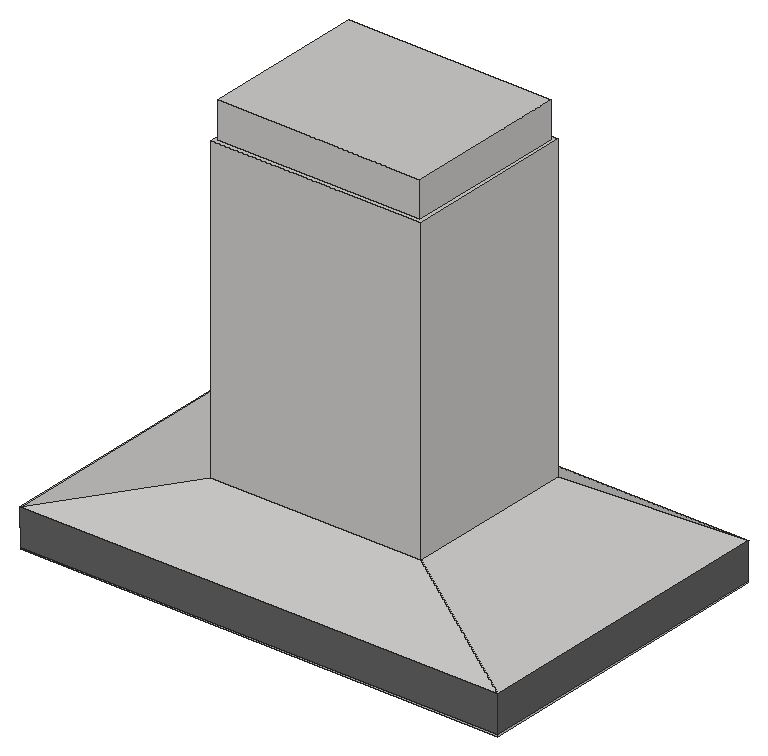
Revit family "P190780JX-160c_JXW8530HS_StainlessSteel_JA_Cooking_Ventilation", category Specialty Equipment, Revit 2023
Family settings
  Round Connector Dimension = Use Diameter
  Part Type = Normal
  Work Plane-Based = No
  Enable Cutting in Views = No
  Always vertical = Yes
  Cut with Voids When Loaded = No
  Maintain Annotation Orientation = No
  Shared = No
  Room Calculation Point = No
Parameters (values of type "JXW8530HS")
  Width = 30"
  Voltage = 0 V
  URL = ""
  Model = "JXW8530HS"
  Feature 3 = "Wall Mount Hood\r\nHotte murale"
  Feature 2 = "Lustre Stainless\r\nAcier inoxydable lustré"
  Feature 1 = "Glass-Touch Controls\r\nCommandes à effleurement sous verre"
  Family Name = "WALL HOODS - 30\""
  Energy Guide = ""
  Manufacturer = "Jenn Air"
  Keynote = ""
  Installation-Fabrication = "http://access.whirlpool.com/mr/getMediaType.do?mediaType=Installation Instruction&sku=JXW8530HS&language=EN\r\nhttp://access.whirlpool.com/mr/getMediaType.do?mediaType=Installation Instruction&sku=JXW8530HS&language=EN"
  Height = 5"
  Drawn By = ""
  Dimension Guide = ""
  Description = "Pyramid Style Canopy Wall Hood, 30”\r\nHotte murale de style pyramidal en acier lustré, 30 po"
  Depth = 19 11/16"
  Default Elevation = 0"
  Copyright = ""
  Body Material = ARCAT - Metal - Steel - Stainless
  Assembly Code = ""
  Amps = 15 A
  Accent Material = ARCAT - Metal - Steel - Gray
Reference planes (in)
  plane 1 "Center (Front/Back)": y = 0
  plane 2: z = 0
  plane 3 "Center (Left/Right)": x = 0
  plane 4: x = -15
  plane 5: x = 15
  plane 6: y = -19.6875
  plane 7: z = 5
Forms (in)
  Extrusion 1, solid, material "ARCAT - Metal - Steel - Stainless" <- "Body Material"
    sketch origin (-1.9375, -3.1, 3.875) x (0, 0, -1) y (-1, 0, 0)
      loop
        circle (1.9375, -4.5625) r 0.25
    from 0 to 0.03125
  Extrusion 2, solid, material "ARCAT - Metal - Steel - Stainless" <- "Body Material"
    sketch origin (65.34541, 0, 5.0625) x (1, 0, 0) y (0, 1, 0)
      loop
        line (-71.93916, -4.46875) -> (-71.93916, -15.21875) -> (-58.75166, -15.21875) -> (-58.75166, -4.46875) -> (-71.93916, -4.46875)
      loop
        line (-71.68916, -4.71875) -> (-71.68916, -14.96875) -> (-59.00166, -14.96875) -> (-59.00166, -4.71875) -> (-71.68916, -4.71875)
    from -0.0625 to 18.9375
  Extrusion 3, solid, material "ARCAT - Metal - Steel - Stainless" <- "Body Material"
    sketch origin (0, 0, 0) x (1, 0, 0) y (0, 1, 0)
      loop
        line (-14, 0) -> (-15, 0) -> (-15, -19.6875) -> (15, -19.6875) -> (15, 0) -> (14, 0) -> (14, -18.6875) -> (-14, -18.6875) -> (-14, 0)
    from 0 to 0.0625
  Extrusion 4, solid, material "ARCAT - Metal - Steel - Gray" <- "Accent Material"
    sketch origin (-1.83203, 1.02344, 0) x (-1, 0, 0) y (0, -1, 0)
      loop
        line (-9.51908, 18.23762) -> (-11.51908, 18.23762) -> (-11.51908, 17.63762) -> (-9.51908, 17.63762) -> (-9.51908, 18.23762)
      loop
        line (5.91752, 18.23762) -> (5.91752, 17.63762) -> (7.91752, 17.63762) -> (7.91752, 18.23762) -> (5.91752, 18.23762)
      loop
        line (5.84721, 18.30793) -> (5.84721, 17.56731) -> (7.98783, 17.56731) -> (7.98783, 18.30793) -> (5.84721, 18.30793)
      loop
        line (-9.44877, 18.30793) -> (-11.5894, 18.30793) -> (-11.5894, 17.56731) -> (-9.44877, 17.56731) -> (-9.44877, 18.30793)
    from 0 to -0.03125
  Extrusion 5, solid, material "ARCAT - Metal - Steel - Stainless" <- "Body Material"
    sketch origin (0, 0, 2.375) x (1, 0, 0) y (0, 1, 0)
      loop
        line (-15, 0) -> (-15, -19.6875) -> (15, -19.6875) -> (15, 0) -> (-15, 0)
    from 0 to -0.25
  Extrusion 6, solid, material "ARCAT - Metal - Steel - Stainless" <- "Body Material"
    sketch origin (0, -0.25, 0) x (0, 1, 0) y (1, 0, 0)
      loop
        line (-14.4375, 14.75) -> (-18.4375, 14.75) -> (-18.4375, -14.75) -> (-14.4375, -14.75) -> (-14.4375, 14.75)
      loop
        line (-3.75, 14.75) -> (-3.75, -14.75) -> (0.25, -14.75) -> (0.25, 14.75) -> (-3.75, 14.75)
    from -0.0625 to -2.125
  Extrusion 7, solid, material "ARCAT - Metal - Steel - Stainless" <- "Body Material"
    sketch origin (65.34541, 0, 13.6875) x (1, 0, 0) y (0, 1, 0)
      loop
        line (-71.68916, -4.71875) -> (-71.68916, -14.96875) -> (-59.00166, -14.96875) -> (-59.00166, -4.71875) -> (-71.68916, -4.71875)
      loop
        line (-71.43916, -14.71875) -> (-59.25166, -14.71875) -> (-59.25166, -4.96875) -> (-71.43916, -4.96875) -> (-71.43916, -14.71875)
    from 10.3125 to 12.3125
  Extrusion 8, solid, material "ARCAT - Metal - Steel - Stainless" <- "Body Material"
    sketch origin (65.34541, 0, 26) x (1, 0, 0) y (0, 1, 0)
      loop
        line (-59.00166, -14.96875) -> (-59.00166, -4.71875) -> (-71.68916, -4.71875) -> (-71.68916, -14.96875) -> (-59.00166, -14.96875)
    from 0 to 0.25
  Extrusion 9, solid, material "ARCAT - Metal - Steel - Stainless" <- "Body Material"
    sketch origin (18.22154, 0, 0.12186) x (-1, 0, 0) y (0, 0, 1)
      loop
        circle (18.22154, 0.8806) r 0.25
    from 0 to 0.03125
  Blend 10, solid, material "ARCAT - Metal - Steel - Stainless" <- "Body Material"
    base sketch origin (0, -20, 2.375) x (1, 0, 0) y (0, 1, 0)
      loop
        line (-15, 0.3125) -> (15, 0.3125) -> (15, 20) -> (-15, 20) -> (-15, 0.3125)
    top sketch origin (0, -20, 2.375) x (1, 0, 0) y (0, 1, 0)
      loop
        line (6.59375, 4.78125) -> (6.59375, 15.53125) -> (-6.59375, 15.53125) -> (-6.59375, 4.78125) -> (6.59375, 4.78125)
    from 0 to 2.625
  Extrusion 11, void
    sketch origin (0, -0.25, 0.0625) x (0, 1, 0) y (-1, 0, 0)
      loop
        line (-16.36418, 7.74955) -> (-16.36418, 9.74955) -> (-16.96418, 9.74955) -> (-16.96418, 7.74955) -> (-16.36418, 7.74955)
      loop
        line (-16.36418, -9.68705) -> (-16.36418, -7.68705) -> (-16.96418, -7.68705) -> (-16.96418, -9.68705) -> (-16.36418, -9.68705)
    from 0 to 0.14678
  Extrusion 12, solid, material "ARCAT - Metal - Steel - Stainless" <- "Body Material"
    sketch origin (0, 0, 0.0625) x (1, 0, 0) y (0, 1, 0)
      loop
        line (-15, -19.6875) -> (15, -19.6875) -> (15, 0) -> (14.75, 0) -> (14.75, -19.4375) -> (-14.75, -19.4375) -> (-14.75, 0) -> (-15, 0) -> (-15, -19.6875)
    from 0 to 2.0625
  Extrusion 13, solid, material "ARCAT - Metal - Steel - Gray" <- "Accent Material"
    sketch origin (0, -0.25, 0.0625) x (-1, 0, 0) y (0, 1, 0)
      loop
        line (13.30078, -13.73828) -> (13.30078, -4.44922) -> (-13.30078, -4.44922) -> (-13.30078, -13.73828) -> (13.30078, -13.73828)
    from 0 to -0.25
  Extrusion 14, solid, material "ARCAT - Metal - Steel - Gray" <- "Accent Material"
    sketch origin (14.75, -19.6875, -0.03125) x (0, 1, 0) y (0, 0, -1)
      loop
        circle (7.38754, -1.1206) r 0.13038
      loop
        circle (14.04996, -1.1206) r 0.13038
    from 0 to 0.03125
  Extrusion 15, solid, material "ARCAT - Metal - Steel - Gray" <- "Accent Material"
    sketch origin (0, 1.75, 2.125) x (0, 1, 0) y (1, 0, 0)
      loop
        line (-13.98828, 7.83002) -> (-13.98828, 8.47042) -> (-14.4375, 8.47042) -> (-14.4375, 7.83002) -> (-13.98828, 7.83002)
      loop
        line (-13.98828, -7.33002) -> (-14.6875, -7.33002) -> (-14.6875, -7.97042) -> (-13.98828, -7.97042) -> (-13.98828, -7.33002)
    from 0 to 0.125
  Extrusion 16, solid, material "ARCAT - Metal - Steel - Gray" <- "Accent Material"
    sketch origin (-14.75, -19.6875, -0.03125) x (0, 1, 0) y (0, 0, 1)
      loop
        circle (7.38754, 1.1206) r 0.13038
      loop
        circle (14.04996, 1.1206) r 0.13038
    from 0 to 0.03125
Cuts and joins
  Extrusion 11 cuts Extrusion 6
  joined: Extrusion 5, Extrusion 6, Extrusion 12
  joined: Extrusion 7, Extrusion 8
Lines and regions (in)
  symbolic lines, style "SpecialityEquipment"
    curve 1: line (-15, 0, 0) -> (15, 0, 0)
    curve 2: line (-15, -19.6875, 0) -> (-15, 0, 0)
    curve 3: line (15, -19.6875, 0) -> (-15, -19.6875, 0)
    curve 4: line (15, 0, 0) -> (15, -19.6875, 0)
    curve 5: line (-6.59375, -4.46875, 26) -> (6.59375, -4.46875, 26)
    curve 6: line (-6.59375, -15.21875, 26) -> (-6.59375, -4.46875, 26)
    curve 7: line (6.59375, -15.21875, 26) -> (-6.59375, -15.21875, 26)
    curve 8: line (6.59375, -4.46875, 26) -> (6.59375, -15.21875, 26)
  model lines, style "Display button"
    curve 9: line (-0.90625, -19.6875, 1.47891) -> (-0.14967, -19.6875, 1.47891)
    curve 10: line (-0.90625, -19.6875, 0.98552) -> (-0.90625, -19.6875, 1.47891)
    curve 11: line (-0.14967, -19.6875, 0.98552) -> (-0.90625, -19.6875, 0.98552)
    curve 12: line (-0.14967, -19.6875, 1.47891) -> (-0.14967, -19.6875, 0.98552)
    curve 13: line (-1.92746, -19.6875, 1.47891) -> (-1.17087, -19.6875, 1.47891)
    curve 14: line (-1.92746, -19.6875, 0.98552) -> (-1.92746, -19.6875, 1.47891)
    curve 15: line (-1.17087, -19.6875, 0.98552) -> (-1.92746, -19.6875, 0.98552)
    curve 16: line (-1.17087, -19.6875, 1.47891) -> (-1.17087, -19.6875, 0.98552)
    curve 17: line (-2.94866, -19.6875, 1.47891) -> (-2.19208, -19.6875, 1.47891)
    curve 18: line (-2.94866, -19.6875, 0.98552) -> (-2.94866, -19.6875, 1.47891)
    curve 19: line (-2.19208, -19.6875, 0.98552) -> (-2.94866, -19.6875, 0.98552)
    curve 20: line (-2.19208, -19.6875, 1.47891) -> (-2.19208, -19.6875, 0.98552)
    curve 21: line (0.90625, -19.6875, 1.47891) -> (0.14967, -19.6875, 1.47891)
    curve 22: line (0.90625, -19.6875, 0.98552) -> (0.90625, -19.6875, 1.47891)
    curve 23: line (0.14967, -19.6875, 0.98552) -> (0.90625, -19.6875, 0.98552)
    curve 24: line (0.14967, -19.6875, 1.47891) -> (0.14967, -19.6875, 0.98552)
    curve 25: line (1.92746, -19.6875, 1.47891) -> (1.17087, -19.6875, 1.47891)
    curve 26: line (1.92746, -19.6875, 0.98552) -> (1.92746, -19.6875, 1.47891)
    curve 27: line (1.17087, -19.6875, 0.98552) -> (1.92746, -19.6875, 0.98552)
    curve 28: line (1.17087, -19.6875, 1.47891) -> (1.17087, -19.6875, 0.98552)
    curve 29: line (2.94866, -19.6875, 1.47891) -> (2.19208, -19.6875, 1.47891)
    curve 30: line (2.94866, -19.6875, 0.98552) -> (2.94866, -19.6875, 1.47891)
    curve 31: line (2.19208, -19.6875, 0.98552) -> (2.94866, -19.6875, 0.98552)
    curve 32: line (2.19208, -19.6875, 1.47891) -> (2.19208, -19.6875, 0.98552)
Dimensions and locks (in)
  "Depth": plane 6 to plane 1 "Center (Front/Back)"
  "Width": plane 4 to plane 5
  equal spacing: plane 4, plane 3 "Center (Left/Right)", plane 5
  "Height": plane 7 to plane 2
  aligned and locked: plane 2 to level
Automatic sketch dimensions
  level to Extrusion 1 sketch curve = 1 15/16"
  plane 3 "Center (Left/Right)" to Extrusion 1 sketch curve = 2 5/8"
  curve 3 to plane 4 = 0"
  curve 3 to plane 5 = 0"
  plane 6 to curve 3 = 0"
  plane 1 "Center (Front/Back)" to curve 2 = 0"
  plane 1 "Center (Front/Back)" to Extrusion 3 sketch curve = 0"  (x2)
  Extrusion 3 sketch curve to plane 4 = 0"
  Extrusion 3 sketch curve to plane 5 = 0"
  plane 6 to Extrusion 3 sketch curve = 0"
  plane 4 to Extrusion 3 sketch curve = 1"
  Extrusion 3 sketch curve to Extrusion 3 sketch curve = 1"
  Extrusion 3 sketch curve to plane 6 = 1"
  Extrusion 4 sketch curve to plane 5 = 5.24264"
  Extrusion 4 sketch curve to Extrusion 4 sketch curve = 9/128"  (x8)
  Extrusion 4 sketch curve to Extrusion 4 sketch curve = 2"  (x2)
  Extrusion 4 sketch curve to plane 6 = 2.40301"  (x2)
  plane 4 to Extrusion 4 sketch curve = 7.32076"
  Extrusion 4 sketch curve to Extrusion 4 sketch curve = 0.6"  (x2)
  Extrusion 5 sketch curve to plane 4 = 0"
  Extrusion 5 sketch curve to plane 5 = 0"
  plane 6 to Extrusion 5 sketch curve = 0"
  plane 1 "Center (Front/Back)" to Extrusion 5 sketch curve = 0"
  plane 1 "Center (Front/Back)" to Extrusion 6 sketch curve = 0"
  Extrusion 6 sketch curve to plane 5 = 1/4"  (x2)
  Extrusion 6 sketch curve to Extrusion 6 sketch curve = 4"
  Extrusion 6 sketch curve to plane 6 = 5"
  plane 4 to Extrusion 6 sketch curve = 1/4"  (x2)
  Extrusion 6 sketch curve to plane 6 = 1"
  Extrusion 8 sketch curve to Extrusion 7 = 0"  (x3)
  Extrusion 7 to Extrusion 8 sketch curve = 0"
  Extrusion 9 sketch curve to plane 3 "Center (Left/Right)" = 0"
  level to Extrusion 9 sketch curve = 1.00246"
  Blend 10 sketch curve to Extrusion 5 = 0"  (x2)
  Extrusion 5 to Blend 10 sketch curve = 0"  (x2)
  Extrusion 6 to Extrusion 11 sketch curve = 1.47332"  (x2)
  Extrusion 11 sketch curve to Extrusion 11 sketch curve = 0.6"  (x2)
  Extrusion 6 to Extrusion 11 sketch curve = 5.06295"
  Extrusion 11 sketch curve to Extrusion 11 sketch curve = 2"  (x2)
  Extrusion 6 to Extrusion 11 sketch curve = 7.00045"
  Extrusion 12 sketch curve to Extrusion 3 = 0"  (x4)
  Extrusion 3 to Extrusion 12 sketch curve = 0"
  Extrusion 12 sketch curve to Extrusion 3 = 1/4"  (x3)
  Extrusion 13 sketch curve to Extrusion 6 = 179/256"  (x2)
  Extrusion 6 to Extrusion 13 sketch curve = 1 115/256"  (x2)
  Extrusion 12 to Extrusion 14 sketch curve = 1.02685"  (x2)
  Extrusion 12 to Extrusion 14 sketch curve = 7.13754"
  Extrusion 14 sketch curve to Extrusion 12 = 5.63754"
  Extrusion 5 to Extrusion 15 sketch curve = 6 3/4"
  Extrusion 5 to Extrusion 15 sketch curve = 7"
  Extrusion 15 sketch curve to Extrusion 15 sketch curve = 115/256"
  Extrusion 15 sketch curve to Extrusion 15 sketch curve = 179/256"
  Extrusion 5 to Extrusion 15 sketch curve = 6.52958"
  Extrusion 15 sketch curve to Extrusion 15 sketch curve = 0.6404"  (x2)
  Extrusion 5 to Extrusion 15 sketch curve = 7.66998"
  level to Extrusion 16 sketch curve = 1.08935"  (x2)
  Extrusion 16 sketch curve to plane 6 = 7.38754"
  plane 1 "Center (Front/Back)" to Extrusion 16 sketch curve = 5.63754"
  Extrusion 2 sketch curve to plane 3 "Center (Left/Right)" = 6 19/32"
  Extrusion 2 sketch curve to plane 5 = 8 13/32"
  Extrusion 2 sketch curve to plane 6 = 4 15/32"
  Extrusion 2 sketch curve to plane 6 = 15 7/32"
  Extrusion 2 sketch curve to Extrusion 2 sketch curve = 1/4"  (x4)
  Extrusion 7 sketch curve to plane 3 "Center (Left/Right)" = 6 11/32"
  Extrusion 7 sketch curve to Extrusion 7 sketch curve = 1/4"  (x4)
  plane 3 "Center (Left/Right)" to Extrusion 7 sketch curve = 6 3/32"
  Extrusion 7 sketch curve to plane 6 = 4 23/32"
  plane 1 "Center (Front/Back)" to Extrusion 7 sketch curve = 4 31/32"
  Blend 10 sketch curve to Extrusion 5 = 8 13/32"  (x2)
  Blend 10 sketch curve to Extrusion 5 = 4 15/32"  (x2)
  curve 17 to Extrusion 3 = 1.41641"
  Extrusion 3 to curve 17 = 12.05134"
  curve 18 to curve 20 = 0.75658"
  curve 17 to curve 13 = 0.26462"
  curve 13 to curve 13 = 0.75658"
  curve 13 to curve 10 = 0.26462"
  curve 9 to curve 12 = 0.75658"
  curve 9 to curve 24 = 0.29933"
  curve 23 to curve 23 = 0.75658"
  curve 21 to curve 25 = 0.26462"
  curve 27 to curve 27 = 0.75658"
  curve 26 to curve 32 = 0.26462"
  curve 31 to curve 31 = 0.75658"
  curve 21 to Extrusion 3 = 1.41641"
  curve 31 to Extrusion 3 = 0.92302"
  curve 20 to curve 17 = 0.49339"
  curve 22 to curve 21 = 0.49339"
  curve 16 to Extrusion 3 = 0.92302"
  curve 26 to curve 31 = 0"
  curve 12 to curve 23 = 0"
  curve 15 to curve 16 = 0.49339"
  curve 26 to curve 25 = 0.49339"
  curve 11 to curve 12 = 0.49339"
  curve 30 to curve 29 = 0.49339"
  Extrusion 7 to curve 7 = 1/4"  (x3)
  Extrusion 7 to curve 6 = 1/4"
  radius of Extrusion 1 sketch curve = 1/4"
  radius of Extrusion 9 sketch curve = 1/4"
  radius of Extrusion 14 sketch curve = 0.13038"  (x2)
  radius of Extrusion 16 sketch curve = 0.13038"  (x2)
Nested families (in)
  nested 1: "Jenn Air Logo Plan" at (0, -16.6875, 0), type "Jenn Air Logo Plan"
Connectors (in)
  electrical at (0, 0.03125, 1.00246), driven by "Voltage"
    settings: on Extrusion 9, index 1, voltage 0 V, apparent load 0 VA, apparent load phase1 0 VA, apparent load phase2 0 VA, apparent load phase3 0 VA, power factor 1, load classification "Other", number of poles 1, system type 30, power factor state 1, is connector primary yes, connector utility no, sub classification motor no, connector description "Electrical Connection"
Definition of nested family "Jenn Air Logo Plan"
  Parameters (values of type "Jenn Air Logo Plan")
    Logo Material = none
    Default Elevation = 0"
  Reference planes (in)
    plane 1 "Center (Front/Back)": y = 0
    plane 2: z = 0
    plane 3 "Center (Left/Right)": x = 0
  Forms (in)
    Blend 1, solid, material <- "Logo Material"
      base sketch origin (-0.08356, 0.0625, 0) x (1, 0, 0) y (0, 1, 0)
        loop
          arc (0.02489, -0.57039) -> (0.05225, -0.57583) -> (0.06775, -0.55264) r 0.0251
          line (0.06775, -0.55264) -> (0.06775, -0.33378)
          arc (0.06775, -0.33378) -> (0.08904, -0.31248) -> (0.11034, -0.33378) r 0.0213
          line (0.11034, -0.33378) -> (0.11034, -0.91594)
          arc (0.11034, -0.91594) -> (0.12847, -0.94282) -> (0.16018, -0.93608) r 0.02899
          line (0.16018, -0.93608) -> (0.39157, -0.69647)
          arc (0.39157, -0.69647) -> (0.41329, -0.66302) -> (0.4209, -0.62388) r 0.1045
          line (0.4209, -0.62388) -> (0.4209, -0.14513)
          arc (0.4209, -0.14513) -> (0.39669, -0.0867) -> (0.33826, -0.0625) r 0.08263
          line (0.33826, -0.0625) -> (-0.17115, -0.0625)
          arc (-0.17115, -0.0625) -> (-0.22734, -0.08578) -> (-0.25062, -0.14197) r 0.07947
          line (-0.25062, -0.14197) -> (-0.25062, -0.25362)
          arc (-0.25062, -0.25362) -> (-0.24304, -0.29174) -> (-0.22144, -0.32405) r 0.09961
          line (-0.22144, -0.32405) -> (0.02489, -0.57039)
      top sketch origin (-0.08356, 0.0625, 0) x (1, 0, 0) y (0, 1, 0)
        loop
          line (0.12994, -0.32432) -> (0.12994, -0.82221)
          arc (0.12994, -0.82221) -> (0.14418, -0.84435) -> (0.17024, -0.84058) r 0.02433
          line (0.17024, -0.84058) -> (0.3674, -0.66918)
          arc (0.3674, -0.66918) -> (0.3893, -0.63986) -> (0.39707, -0.60409) r 0.08625
          line (0.39707, -0.60409) -> (0.39707, -0.13782)
          arc (0.39707, -0.13782) -> (0.37938, -0.09511) -> (0.33667, -0.07742) r 0.0604
          line (0.33667, -0.07742) -> (-0.18298, -0.07742)
          arc (-0.18298, -0.07742) -> (-0.21726, -0.09162) -> (-0.23146, -0.12591) r 0.04849
          line (-0.23146, -0.12591) -> (-0.23146, -0.24703)
          arc (-0.23146, -0.24703) -> (-0.22551, -0.27447) -> (-0.20871, -0.29696) r 0.06617
          line (-0.20871, -0.29696) -> (-0.00152, -0.47707)
          arc (-0.00152, -0.47707) -> (0.02729, -0.48124) -> (0.04304, -0.45676) r 0.02691
          line (0.04304, -0.45676) -> (0.04304, -0.32432)
          arc (0.04304, -0.32432) -> (0.08649, -0.28087) -> (0.12994, -0.32432) r 0.04345
      from 0 to -0.03125
  Dimensions and locks (in)
    aligned and locked: plane 2 to level
